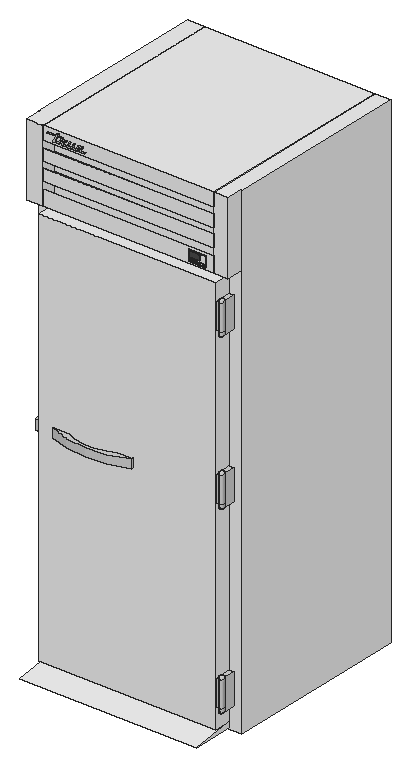
Revit family
Parameters
  Weight in Pounds = 0
  Watts = Volts * FL Amps  # 1023.5 W
  Volts = 115 V
  URL Cutsheet = "www.truemfg.com"
  URL = "www.truemfg.com"
  Type Mark [instance] = ""
  Type Comments = ""
  Status [instance] = ""
  Specification by User [instance] = ""
  Specification by Manufacturer = ""
  Show Logo [instance] = yes
  Show Clearance [instance] = yes
  Serial Number = ""
  Seismic Rating = ""
  SMACNA No = ""
  Revision Code [instance] = ""
  Phase = 1
  Omniclass Number and Title = ""
  Number of Poles [instance] = 1
  NAFEM Spec ID Number = ""
  Model = "STG1RRI-1S"
  Min Ckt Ampacity = 0 A
  Max Overcurrent Protection = 0 A
  Masterspec = ""
  Manufacturer = "TRUE FOOD SERVICE EQUIPMENT, INC."
  Length = 35"
  Item Number [instance] = ""
  Installed By [instance] = ""
  Identify Quantity as Lot [instance] = yes
  Height = 83 3/4"
  HP = "1/3"
  Furnished By [instance] = ""
  Foodservice Equipment Identifier [instance] = yes
  FL Amps = 8.9 A
  Electrical Remarks [instance] = ""
  Electric Connection Type [instance] = ""
  Elec Conn RI Height [instance] = 0"
  Elec Conn Connection Height [instance] = 0"
  Description = "Roll-in Solid Swing Door Refrigerator"
  Depth = 34 3/4"
  Cycle = 60 Hz
  Conn Plug = "5-15P"
  Conn Conduit = yes
  CSI MasterFormat = ""
  CSI Master Format = ""
  Apparent Power = if(Phase = 3, Volts * FL Amps * 1.73, Volts * FL Amps)  # 1023.5 VA
Reference planes (in)
  plane 1 "BACK": y = 0
  plane 2: z = 0
  plane 3 "LEFT": x = 0
  plane 4 "RIGHT": x = 35
  plane 5 "FRONT": y = -34.75
  plane 6 "TOP": z = 83.75
  plane 7: x = 2.84375
  plane 8: y = -34.7042
  plane 9: x = 32.15625
  plane 10: z = 69.90625
Forms (in)
  Extrusion 1, solid, material "QF_Finishes_Chrome - Satin"
    sketch origin (0.05, 0, 0) x (1, 0, 0) y (0, 1, 0)
      loop
        line (-0.05, 0) -> (-0.05, -32) -> (2.87859, -32) -> (2.87859, 0) -> (-0.05, 0)
    from 0 to 83.75
  Extrusion 2, solid, material "QF_Finishes_Chrome - Satin"
    sketch origin (50.15, 0, 0) x (1, 0, 0) y (0, 1, 0)
      loop
        line (-17.85, 0) -> (-17.85, -32) -> (-15.15, -32) -> (-15.15, 0) -> (-17.85, 0)
    from 0 to 83.75
  Extrusion 3, solid, material "QF_Finishes_Chrome - Satin"
    sketch origin (0, 0, 0) x (0, 1, 0) y (0, 0, 1)
      loop
        line (-34.7042, 71.28125) -> (-32, 71.28125) -> (-32, 0) -> (0, 0) -> (0, 83.75) -> (-34.7042, 83.75) -> (-34.7042, 81.46828) -> (-32.5, 79.90102) -> (-32.5, 78.77875) -> (-34.7042, 80.34601) -> (-34.7042, 78.2123) -> (-32.5, 76.64504) -> (-32.5, 75.68428) -> (-34.7042, 77.25154) -> (-34.7042, 75.15534) -> (-32.5, 73.58807) -> (-32.5, 72.3125) -> (-34.7042, 73.87976) -> (-34.7042, 71.28125)
    from 2.92859 to 32.3
  Extrusion 4, solid, material "QF_Finishes_Chrome - Satin"
    sketch origin (0, 0, 0) x (1, 0, 0) y (0, 1, 0)
      loop
        line (34.84782, -32) -> (32.3, -32) -> (32.3, -34.75) -> (34.84782, -34.75) -> (34.84782, -32)
    from 71.28125 to 83.75
  Extrusion 5, solid, material "QF_Finishes_Chrome - Satin"
    sketch origin (-50.125, 0, 0.25) x (1, 0, 0) y (0, 1, 0)
      loop
        line (53.05359, -32) -> (50.24109, -32) -> (50.24109, -34.75) -> (53.05359, -34.75) -> (53.05359, -32)
    from 71.03125 to 83.5
  Extrusion 6, solid, material "QF_Finishes_Chrome - Satin"
    sketch origin (-24.96875, -1, -0.71875) x (1, 0, 0) y (0, 0, 1)
      loop
        line (27.25, 1.71875) -> (57.65625, 1.71875) -> (57.65625, 70.625) -> (27.25, 70.625) -> (27.25, 1.71875)
    from 31 to 33.75
  Extrusion 7, solid, material "QF_Finishes_Handrails and Railings"
    sketch origin (58.625, -0.25, 25.43519) x (1, 0, 0) y (0, 1, 0)
      loop
        line (-53.875, -34.5) -> (-53.875, -34.7)
        arc (-53.875, -34.7) -> (-47.075, -36.14405) -> (-40.275, -34.7) r 16.7325
        line (-40.275, -34.7) -> (-40.275, -34.5) -> (-42.675, -34.5)
        arc (-42.675, -34.5) -> (-47.075, -35.65816) -> (-51.475, -34.5) r 8.93715
        line (-51.475, -34.5) -> (-53.875, -34.5)
    from 10.87731 to 12.37731
  Extrusion 8, solid, material "QF_Finishes_Handrails and Railings"
    sketch origin (-23.375, 0, -3) x (1, 0, 0) y (0, 0, 1)
      loop
        circle (26.4375, 40.0625) r 0.35
      loop
        line (26.47265, 40.33635) -> (26.41715, 40.33635) -> (26.41715, 39.76895) -> (26.47265, 39.76895) -> (26.47265, 40.33635)
    from 33.5 to 33.83066
  Extrusion 9, solid, material "QF_Finishes_Handrails and Railings", visible <- "Show Logo"
    sketch origin (0.33478, 0.06376, 5.01857) x (1, 0, 0) y (0, 0, 1)
      loop
        line (3.46044, 78.08731) -> (3.35478, 77.86073) -> (4.76027, 77.86073)
        arc (4.76027, 77.86073) -> (4.78879, 77.81028) -> (4.76027, 77.75984) r 0.05887
        line (4.76027, 77.75984) -> (4.39369, 76.97372)
        arc (4.39369, 76.97372) -> (4.39051, 76.90091) -> (4.43975, 76.84717) r 0.09523
        line (4.43975, 76.84717) -> (5.33844, 76.84717)
        arc (5.33844, 76.84717) -> (5.45192, 76.88295) -> (5.52436, 76.97735) r 0.19785
        line (5.52436, 76.97735) -> (5.81285, 77.59601) -> (6.0779, 77.59601)
        arc (6.0779, 77.59601) -> (6.14744, 77.57043) -> (6.13737, 77.49703) r 0.05911
        line (6.13737, 77.49703) -> (5.89598, 76.97937)
        arc (5.89598, 76.97937) -> (5.89974, 76.8934) -> (5.97231, 76.84717) r 0.09318
        line (5.97231, 76.84717) -> (6.76198, 76.84717)
        arc (6.76198, 76.84717) -> (6.82249, 76.86919) -> (6.85468, 76.92495) r 0.09412
        arc (6.85468, 76.92495) -> (6.87746, 76.86995) -> (6.93246, 76.84717) r 0.07778
        line (6.93246, 76.84717) -> (7.43246, 76.84717)
        arc (7.43246, 76.84717) -> (7.49022, 76.86265) -> (7.53251, 76.90493) r 0.11552
        arc (7.53251, 76.90493) -> (7.55275, 76.85606) -> (7.60162, 76.83581) r 0.06912
        line (7.60162, 76.83581) -> (8.31225, 76.83581)
        arc (8.31225, 76.83581) -> (8.37034, 76.85988) -> (8.39441, 76.91797) r 0.08216
        arc (8.39441, 76.91797) -> (8.44767, 76.86472) -> (8.52042, 76.84522) r 0.14551
        line (8.52042, 76.84522) -> (9.85158, 76.84522) -> (9.99946, 77.10134) -> (8.65678, 77.10134)
        arc (8.65678, 77.10134) -> (8.61972, 77.12704) -> (8.61834, 77.17211) r 0.05009
        line (8.61834, 77.17211) -> (8.64157, 77.22192)
        arc (8.64157, 77.22192) -> (8.67723, 77.26864) -> (8.73327, 77.28635) r 0.09747
        line (8.73327, 77.28635) -> (9.16485, 77.28635)
        arc (9.16485, 77.28635) -> (9.258, 77.31131) -> (9.32619, 77.3795) r 0.1863
        line (9.32619, 77.3795) -> (9.45119, 77.59601)
        arc (9.45119, 77.59601) -> (9.45119, 77.71157) -> (9.35111, 77.76934) r 0.11556
        line (9.35111, 77.76934) -> (8.89562, 77.76934)
        arc (8.89562, 77.76934) -> (8.7795, 77.74962) -> (8.69849, 77.66412) r 0.18605
        line (8.69849, 77.66412) -> (8.48204, 77.19993)
        arc (8.48204, 77.19993) -> (8.41815, 77.11667) -> (8.31806, 77.08511) r 0.1745
        line (8.31806, 77.08511) -> (7.84559, 77.08511)
        arc (7.84559, 77.08511) -> (7.78903, 77.14684) -> (7.79268, 77.23048) r 0.10939
        line (7.79268, 77.23048) -> (8.04395, 77.76934) -> (7.88403, 77.76934) -> (7.61781, 77.19844)
        arc (7.61781, 77.19844) -> (7.56609, 77.13103) -> (7.48505, 77.10548) r 0.14128
        line (7.48505, 77.10548) -> (7.15925, 77.10548)
        arc (7.15925, 77.10548) -> (7.10419, 77.17723) -> (7.116, 77.26689) r 0.11816
        line (7.116, 77.26689) -> (7.3503, 77.76934) -> (7.18514, 77.76934) -> (6.91546, 77.191)
        arc (6.91546, 77.191) -> (6.85285, 77.12839) -> (6.76733, 77.10548) r 0.17104
        line (6.76733, 77.10548) -> (6.29555, 77.10548)
        arc (6.29555, 77.10548) -> (6.21082, 77.14499) -> (6.20267, 77.23813) r 0.0935
        line (6.20267, 77.23813) -> (6.35774, 77.57069) -> (6.57695, 77.57069)
        arc (6.57695, 77.57069) -> (6.61395, 77.68217) -> (6.69267, 77.76934) r 0.2857
        line (6.69267, 77.76934) -> (5.83605, 77.76934)
        arc (5.83605, 77.76934) -> (5.74086, 77.74824) -> (5.67498, 77.67635) r 0.16212
        line (5.67498, 77.67635) -> (5.44279, 77.17841)
        arc (5.44279, 77.17841) -> (5.3894, 77.12502) -> (5.31647, 77.10548) r 0.14586
        line (5.31647, 77.10548) -> (4.80506, 77.10548)
        arc (4.80506, 77.10548) -> (4.76514, 77.15942) -> (4.77274, 77.22609) r 0.09155
        line (4.77274, 77.22609) -> (5.11018, 77.86073) -> (5.96155, 77.86073) -> (6.06721, 78.08731) -> (5.21584, 78.08731) -> (5.32149, 78.31388) -> (5.01862, 78.31388) -> (4.91297, 78.08731) -> (3.46044, 78.08731)
      loop
        arc (8.83805, 77.56363) -> (8.80119, 77.55375) -> (8.7742, 77.52676) r 0.07373
        line (8.7742, 77.52676) -> (8.75229, 77.45936)
        arc (8.75229, 77.45936) -> (8.76245, 77.43483) -> (8.78699, 77.42466) r 0.0347
        line (8.78699, 77.42466) -> (9.15948, 77.42466)
        arc (9.15948, 77.42466) -> (9.18632, 77.43061) -> (9.20812, 77.44734) r 0.0635
        line (9.20812, 77.44734) -> (9.22624, 77.53122)
        arc (9.22624, 77.53122) -> (9.22091, 77.55368) -> (9.20009, 77.56363) r 0.02676
        line (9.20009, 77.56363) -> (8.83805, 77.56363)
    from 34.76797 to 34.83173
  Extrusion 10, solid, material "QF_Finishes_White"
    sketch origin (-22.74812, 0.0458, -7.91247) x (1, 0, 0) y (0, 0, 1)
      loop
        line (50.81732, 81.35727) -> (50.81732, 79.60996) -> (53.72357, 79.60996) -> (53.72357, 81.35727) -> (50.81732, 81.35727)
    from 34.75 to 34.76797
  Extrusion 11, solid, material "QF_Finishes_Black"
    sketch origin (-22.74812, 0.0458, -7.91247) x (1, 0, 0) y (0, 0, 1)
      loop
        line (53.78607, 81.41977) -> (50.75482, 81.41977) -> (50.75482, 79.54746) -> (53.78607, 79.54746) -> (53.78607, 81.41977)
      loop
        spline (50.95482, 79.87872) -> (50.96333, 79.86254) -> (50.98831, 79.84747) -> (51.02804, 79.83452) -> (51.07982, 79.82459) -> (51.14011, 79.81835) -> (51.20482, 79.81622) -> (51.26952, 79.81835) -> (51.32982, 79.82459) -> (51.38159, 79.83452) -> (51.42132, 79.84747) -> (51.4463, 79.86254) -> (51.45482, 79.87872)
        spline (51.45482, 79.87872) -> (51.4463, 79.89489) -> (51.42132, 79.90997) -> (51.38159, 79.92291) -> (51.32982, 79.93284) -> (51.26952, 79.93909) -> (51.20482, 79.94122) -> (51.14011, 79.93909) -> (51.07982, 79.93284) -> (51.02804, 79.92291) -> (50.98831, 79.90997) -> (50.96333, 79.89489) -> (50.95482, 79.87872)
      loop
        spline (51.65083, 79.87872) -> (51.65935, 79.86254) -> (51.68432, 79.84747) -> (51.72405, 79.83452) -> (51.77583, 79.82459) -> (51.83612, 79.81835) -> (51.90083, 79.81622) -> (51.96553, 79.81835) -> (52.02583, 79.82459) -> (52.07761, 79.83452) -> (52.11734, 79.84747) -> (52.14231, 79.86254) -> (52.15083, 79.87872)
        spline (52.15083, 79.87872) -> (52.14231, 79.89489) -> (52.11734, 79.90997) -> (52.07761, 79.92291) -> (52.02583, 79.93284) -> (51.96553, 79.93909) -> (51.90083, 79.94122) -> (51.83612, 79.93909) -> (51.77583, 79.93284) -> (51.72405, 79.92291) -> (51.68432, 79.90997) -> (51.65935, 79.89489) -> (51.65083, 79.87872)
      loop
        spline (52.40083, 79.87872) -> (52.40935, 79.86254) -> (52.43432, 79.84747) -> (52.47405, 79.83452) -> (52.52583, 79.82459) -> (52.58612, 79.81835) -> (52.65083, 79.81622) -> (52.71553, 79.81835) -> (52.77583, 79.82459) -> (52.82761, 79.83452) -> (52.86734, 79.84747) -> (52.89231, 79.86254) -> (52.90083, 79.87872)
        spline (52.90083, 79.87872) -> (52.89231, 79.89489) -> (52.86734, 79.90997) -> (52.82761, 79.92291) -> (52.77583, 79.93284) -> (52.71553, 79.93909) -> (52.65083, 79.94122) -> (52.58612, 79.93909) -> (52.52583, 79.93284) -> (52.47405, 79.92291) -> (52.43432, 79.90997) -> (52.40935, 79.89489) -> (52.40083, 79.87872)
      loop
        line (50.95481, 81.21978) -> (50.95481, 80.21978) -> (52.65433, 80.21978) -> (52.65433, 81.21978) -> (50.95481, 81.21978)
      loop
        line (53.72357, 81.35727) -> (50.81732, 81.35727) -> (50.81732, 79.60996) -> (53.72357, 79.60996) -> (53.72357, 81.35727)
      loop
        spline (53.15083, 79.87872) -> (53.15935, 79.86254) -> (53.18432, 79.84747) -> (53.22405, 79.83452) -> (53.27583, 79.82459) -> (53.33612, 79.81835) -> (53.40083, 79.81622) -> (53.46553, 79.81835) -> (53.52583, 79.82459) -> (53.57761, 79.83452) -> (53.61734, 79.84747) -> (53.64231, 79.86254) -> (53.65083, 79.87872)
        spline (53.65083, 79.87872) -> (53.64231, 79.89489) -> (53.61734, 79.90997) -> (53.57761, 79.92291) -> (53.52583, 79.93284) -> (53.46553, 79.93909) -> (53.40083, 79.94122) -> (53.33612, 79.93909) -> (53.27583, 79.93284) -> (53.22405, 79.92291) -> (53.18432, 79.90997) -> (53.15935, 79.89489) -> (53.15083, 79.87872)
    from 34.76797 to 34.80335
  Extrusion 12, solid
    sketch origin (-25.125, 0, 0) x (1, 0, 0) y (0, 0, 1)
      loop
        circle (56.875, 81.625) r 0.25
    from 0 to 0.0625
  Blend 13, solid, material "QF_Finishes_Handrails and Railings"
    base sketch origin (27.53125, -1, -1) x (-1, 0, 0) y (0, 0, -1)
      loop
        line (25.25, -38.99169) -> (26, -38.99169) -> (26, -37.24169) -> (25.25, -37.24169) -> (25.25, -38.99169)
    top sketch origin (27.53125, 0, -1) x (-1, 0, 0) y (0, 0, -1)
      loop
        line (26.18223, -36.6441) -> (25.25, -36.6441) -> (25.25, -39.42643) -> (26.18223, -39.42643) -> (26.18223, -36.6441)
    from 33.57883 to 32
  Extrusion 14, solid, material "QF_Finishes_Handrails and Railings"
    sketch origin (33.78125, 0, 3) x (0, 1, 0) y (0, 0, -1)
      loop
        line (-32, -64.17729) -> (-32, -58.86127) -> (-34.25, -58.86127) -> (-34.25, -59.57348) -> (-33.81497, -59.57348) -> (-33.81497, -63.97276)
        arc (-33.81497, -63.97276) -> (-33.75506, -64.11738) -> (-33.61044, -64.17729) r 0.20453
        line (-33.61044, -64.17729) -> (-32, -64.17729)
    from 0.17506 to 1
  Revolve 15, solid, material "QF_Finishes_Handrails and Railings"
    sketch origin (33.28125, 0, 3) x (0, 1, 0) y (0, 0, -1)
      loop
        line (-34.26563, -59.62689) -> (-34.67229, -59.62689) -> (-34.67229, -64.0986)
        arc (-34.67229, -64.0986) -> (-34.53722, -64.35057) -> (-34.26563, -64.43983) r 0.3848
        line (-34.26563, -64.43983) -> (-34.26563, -59.62689)
      loop
        line (-34.26563, -59.57348) -> (-34.26563, -58.67281)
        arc (-34.26563, -58.67281) -> (-34.53264, -58.75883) -> (-34.67229, -59.00212) r 0.38884
        line (-34.67229, -59.00212) -> (-34.67229, -59.57348) -> (-34.26563, -59.57348)
      axis (-34.26563, -58.67281) -> (-34.26563, -64.43983)
    angle from 0 to 360
  Extrusion 16, solid, material "QF_Finishes_Handrails and Railings"
    sketch origin (27.5, -1.07734, 3.0011) x (-1, 0, 0) y (0, 0, -1)
      loop
        line (-5.58509, -64.0986) -> (-5.1875, -64.0986) -> (-5.1875, -59.62579) -> (-5.58509, -59.62579) -> (-5.58509, -64.0986)
    from 32.81497 to 33.59495
  Extrusion 17, solid, material "QF_Finishes_Handrails and Railings"
    sketch origin (33.78125, 0, -24) x (0, 1, 0) y (0, 0, -1)
      loop
        line (-32, -64.55229) -> (-32, -59.23627) -> (-34.25, -59.23627) -> (-34.25, -59.94848) -> (-33.81497, -59.94848) -> (-33.81497, -64.34776)
        arc (-33.81497, -64.34776) -> (-33.75506, -64.49238) -> (-33.61044, -64.55229) r 0.20453
        line (-33.61044, -64.55229) -> (-32, -64.55229)
    from 0.17506 to 1
  Revolve 18, solid, material "QF_Finishes_Handrails and Railings"
    sketch origin (33.28125, 0, -24) x (0, 1, 0) y (0, 0, -1)
      loop
        line (-34.26563, -60.00189) -> (-34.67229, -60.00189) -> (-34.67229, -64.4736)
        arc (-34.67229, -64.4736) -> (-34.53722, -64.72557) -> (-34.26563, -64.81483) r 0.3848
        line (-34.26563, -64.81483) -> (-34.26563, -60.00189)
      loop
        line (-34.26563, -59.94848) -> (-34.26563, -59.04781)
        arc (-34.26563, -59.04781) -> (-34.53264, -59.13383) -> (-34.67229, -59.37712) r 0.38884
        line (-34.67229, -59.37712) -> (-34.67229, -59.94848) -> (-34.26563, -59.94848)
      axis (-34.26563, -59.04781) -> (-34.26563, -64.81483)
    angle from 0 to 360
  Extrusion 19, solid, material "QF_Finishes_Handrails and Railings"
    sketch origin (27.5, -1.07734, -23.9989) x (-1, 0, 0) y (0, 0, -1)
      loop
        line (-5.58509, -64.4736) -> (-5.1875, -64.4736) -> (-5.1875, -60.00079) -> (-5.58509, -60.00079) -> (-5.58509, -64.4736)
    from 32.81497 to 33.59495
  Extrusion 20, solid, material "QF_Finishes_Handrails and Railings"
    sketch origin (33.78125, 0, -55.5) x (0, 1, 0) y (0, 0, -1)
      loop
        line (-32, -64.55229) -> (-32, -59.23627) -> (-34.25, -59.23627) -> (-34.25, -59.94848) -> (-33.81497, -59.94848) -> (-33.81497, -64.34776)
        arc (-33.81497, -64.34776) -> (-33.75506, -64.49238) -> (-33.61044, -64.55229) r 0.20453
        line (-33.61044, -64.55229) -> (-32, -64.55229)
    from 0.17506 to 1
  Revolve 21, solid, material "QF_Finishes_Handrails and Railings"
    sketch origin (33.28125, 0, -55.5) x (0, 1, 0) y (0, 0, -1)
      loop
        line (-34.26563, -60.00189) -> (-34.67229, -60.00189) -> (-34.67229, -64.4736)
        arc (-34.67229, -64.4736) -> (-34.53722, -64.72557) -> (-34.26563, -64.81483) r 0.3848
        line (-34.26563, -64.81483) -> (-34.26563, -60.00189)
      loop
        line (-34.26563, -59.94848) -> (-34.26563, -59.04781)
        arc (-34.26563, -59.04781) -> (-34.53264, -59.13383) -> (-34.67229, -59.37712) r 0.38884
        line (-34.67229, -59.37712) -> (-34.67229, -59.94848) -> (-34.26563, -59.94848)
      axis (-34.26563, -59.04781) -> (-34.26563, -64.81483)
    angle from 0 to 360
  Extrusion 22, solid, material "QF_Finishes_Handrails and Railings"
    sketch origin (27.5, -1.07734, -55.4989) x (-1, 0, 0) y (0, 0, -1)
      loop
        line (-5.58509, -64.4736) -> (-5.1875, -64.4736) -> (-5.1875, -60.00079) -> (-5.58509, -60.00079) -> (-5.58509, -64.4736)
    from 32.81497 to 33.59495
  Extrusion 23, solid, material "QF_Finishes_Door Clearance", visible <- "Show Clearance", detail levels coarse
    sketch origin (26.42841, -3.6098, 0) x (1, 0, 0) y (0, 1, 0)
      loop
        line (6.25909, -31.1402) -> (-24.14716, -31.1402)
        arc (-24.14716, -31.1402) -> (-15.24138, -52.64067) -> (6.25909, -61.54645) r 30.40625
        line (6.25909, -61.54645) -> (6.25909, -31.1402)
    from 1 to 69.90625
  Extrusion 24, solid, material "QF_Finishes_Chrome - Satin"
    sketch origin (32.6875, -1, 8.03125) x (0, 0, 1) y (0, -1, 0)
      loop
        line (-8.03125, 37.875) -> (-8.03125, 31) -> (-7.03125, 31) -> (-8.03125, 37.875)
    from 0 to -30.40625
Cuts and joins
  joined: Extrusion 1, Extrusion 2, Extrusion 4, Extrusion 5
Lines and regions (in)
  symbolic lines
    curve 1: line (0, 0, 0) -> (35, 0, 0)
    curve 2: line (0, -34.75, 0) -> (0, 0, 0)
    curve 3: line (35, -34.75, 0) -> (0, -34.75, 0)
    curve 4: line (35, 0, 0) -> (35, -34.75, 0)
    curve 5: line (35, -32.5, 0) -> (0, -32.5, 0)
    curve 6: arc (15.95746, -34.75, 0) -> (11.55746, -35.90816, 0) -> (7.15746, -34.75, 0) r 8.93715
    curve 7: arc (4.75746, -34.95, 0) -> (11.55746, -36.39405, 0) -> (18.35746, -34.95, 0) r 16.7325
    curve 8: line (4.75746, -34.75, 0) -> (4.75746, -34.95, 0)
    curve 9: line (18.35746, -34.95, 0) -> (18.35746, -34.75, 0)
  symbolic lines, style "QF-Door Swings", visible <- "Show Clearance", detail levels coarse
    curve 10: line (32.6875, -34.75, 0) -> (32.6875, -65.15625, 0)
    curve 11: arc (32.6875, -65.15625, 0) -> (11.18703, -56.25047, 0) -> (2.28125, -34.75, 0) r 30.40625
Dimensions and locks (in)
  "Depth": plane 5 "FRONT" to plane 1 "BACK"
  plane 6 "TOP" to level = 83 3/4"  (x2)
  Extrusion 6 sketch curve to Extrusion 6 sketch curve = 30 13/32"
  Extrusion 6 to plane 1 "BACK" = 34 3/4"
  "Length": plane 3 "LEFT" to plane 4 "RIGHT"
  plane 4 "RIGHT" to plane 3 "LEFT" = 35"
  plane 10 to level = 69 29/32"
  aligned and locked: level to plane 2
Automatic sketch dimensions
  Extrusion 1 sketch curve to plane 3 "LEFT" = 0"
  plane 1 "BACK" to Extrusion 1 sketch curve = 0"
  Extrusion 1 sketch curve to Extrusion 1 sketch curve = 2.92859"
  Extrusion 1 sketch curve to plane 5 "FRONT" = 2 3/4"
  plane 1 "BACK" to Extrusion 2 sketch curve = 0"
  Extrusion 2 sketch curve to plane 4 "RIGHT" = 0"
  Extrusion 2 sketch curve to plane 5 "FRONT" = 2 3/4"
  plane 5 "FRONT" to Extrusion 4 sketch curve = 0"
  Extrusion 4 sketch curve to plane 4 "RIGHT" = 0.15218"
  Extrusion 4 sketch curve to plane 5 "FRONT" = 2 3/4"
  plane 5 "FRONT" to Extrusion 5 sketch curve = 0"
  plane 3 "LEFT" to Extrusion 5 sketch curve = 0.11609"
  Extrusion 5 sketch curve to Extrusion 5 sketch curve = 2 13/16"
  Extrusion 5 sketch curve to plane 5 "FRONT" = 2 3/4"
  plane 5 "FRONT" to Extrusion 7 sketch curve = 0"  (x2)
  Extrusion 7 sketch curve to Extrusion 7 sketch curve = 2.4"  (x2)
  Extrusion 7 sketch curve to Extrusion 7 sketch curve = 4.4"
  Extrusion 7 sketch curve to Extrusion 7 sketch curve = 0"
  Extrusion 7 sketch curve to Extrusion 7 sketch curve = 0.2"
  Extrusion 7 sketch curve to plane 5 "FRONT" = 7.77899"
  Extrusion 7 sketch curve to Extrusion 7 sketch curve = 7.30945"
  Extrusion 8 sketch curve to Extrusion 8 sketch curve = 0.02035"
  Extrusion 8 sketch curve to Extrusion 8 sketch curve = 0.0555"
  Extrusion 8 sketch curve to Extrusion 8 sketch curve = 0.29355"
  Extrusion 8 sketch curve to Extrusion 8 sketch curve = 0.27385"
  plane 3 "LEFT" to Extrusion 9 sketch curve = 3.68957"
  Extrusion 9 sketch curve to Extrusion 9 sketch curve = 0.10565"  (x5)
  Extrusion 9 sketch curve to Extrusion 9 sketch curve = 1.03891"
  Extrusion 9 sketch curve to Extrusion 9 sketch curve = 0.04606"
  Extrusion 9 sketch curve to Extrusion 9 sketch curve = 0.04025"
  Extrusion 9 sketch curve to Extrusion 9 sketch curve = 0.33624"
  Extrusion 9 sketch curve to Extrusion 9 sketch curve = 0.03034"  (x2)
  Extrusion 9 sketch curve to Extrusion 9 sketch curve = 0.29274"
  Extrusion 9 sketch curve to Extrusion 9 sketch curve = 0.03232"
  Extrusion 9 sketch curve to Extrusion 9 sketch curve = 0.08083"
  Extrusion 9 sketch curve to Extrusion 9 sketch curve = 0.1527"
  Extrusion 9 sketch curve to Extrusion 9 sketch curve = 0.19721"
  Extrusion 9 sketch curve to Extrusion 9 sketch curve = 0.4629"
  Extrusion 9 sketch curve to Extrusion 9 sketch curve = 0.02197"
  Extrusion 9 sketch curve to Extrusion 9 sketch curve = 0.12632"
  Extrusion 9 sketch curve to Extrusion 9 sketch curve = 0.18591"
  Extrusion 9 sketch curve to Extrusion 9 sketch curve = 0.2322"
  Extrusion 9 sketch curve to Extrusion 9 sketch curve = 0.13786"
  Extrusion 9 sketch curve to Extrusion 9 sketch curve = 0.00907"
  Extrusion 9 sketch curve to Extrusion 9 sketch curve = 0.01413"
  Extrusion 9 sketch curve to Extrusion 9 sketch curve = 0.37162"
  Extrusion 9 sketch curve to Extrusion 9 sketch curve = 0.12551"
  Extrusion 9 sketch curve to Extrusion 9 sketch curve = 0.07633"
  Extrusion 9 sketch curve to Extrusion 9 sketch curve = 0.08445"
  Extrusion 9 sketch curve to Extrusion 9 sketch curve = 0.25598"
  Extrusion 9 sketch curve to Extrusion 9 sketch curve = 0.01887"
  Extrusion 9 sketch curve to Extrusion 9 sketch curve = 0.04061"
  Extrusion 9 sketch curve to Extrusion 9 sketch curve = 0.0653"
  Extrusion 9 sketch curve to Extrusion 9 sketch curve = 0.08474"
  Extrusion 9 sketch curve to Extrusion 9 sketch curve = 0.00815"
  Extrusion 9 sketch curve to Extrusion 9 sketch curve = 0.22037"
  Extrusion 9 sketch curve to Extrusion 9 sketch curve = 0.21921"
  Extrusion 9 sketch curve to Extrusion 9 sketch curve = 0.11572"
  Extrusion 9 sketch curve to Extrusion 9 sketch curve = 0.46643"
  Extrusion 9 sketch curve to Extrusion 9 sketch curve = 0.00535"
  Extrusion 9 sketch curve to Extrusion 9 sketch curve = 0.09269"
  Extrusion 9 sketch curve to Extrusion 9 sketch curve = 0.09348"
  Extrusion 9 sketch curve to Extrusion 9 sketch curve = 0.14812"
  Extrusion 9 sketch curve to Extrusion 9 sketch curve = 0.07778"  (x3)
  Extrusion 9 sketch curve to Extrusion 9 sketch curve = 0.20054"
  Extrusion 9 sketch curve to Extrusion 9 sketch curve = 0.04325"
  Extrusion 9 sketch curve to Extrusion 9 sketch curve = 0.32433"
  Extrusion 9 sketch curve to Extrusion 9 sketch curve = 0.10233"  (x2)
  Extrusion 9 sketch curve to Extrusion 9 sketch curve = 0.16515"
  Extrusion 9 sketch curve to Extrusion 9 sketch curve = 0.27321"
  Extrusion 9 sketch curve to Extrusion 9 sketch curve = 0.0526"
  Extrusion 9 sketch curve to Extrusion 9 sketch curve = 0.10005"
  Extrusion 9 sketch curve to Extrusion 9 sketch curve = 0.06912"
  Extrusion 9 sketch curve to Extrusion 9 sketch curve = 0.13276"
  Extrusion 9 sketch curve to Extrusion 9 sketch curve = 0.17486"
  Extrusion 9 sketch curve to Extrusion 9 sketch curve = 0.05291"
  Extrusion 9 sketch curve to Extrusion 9 sketch curve = 0.53374"
  Extrusion 9 sketch curve to Extrusion 9 sketch curve = 0.09914"  (x2)
  Extrusion 9 sketch curve to Extrusion 9 sketch curve = 0.15992"
  Extrusion 9 sketch curve to Extrusion 9 sketch curve = 0.46666"
  Extrusion 9 sketch curve to Extrusion 9 sketch curve = 0.00582"
  Extrusion 9 sketch curve to Extrusion 9 sketch curve = 0.08216"
  Extrusion 9 sketch curve to Extrusion 9 sketch curve = 0.16397"
  Extrusion 9 sketch curve to Extrusion 9 sketch curve = 0.12601"
  Extrusion 9 sketch curve to Extrusion 9 sketch curve = 0.1363"
  Extrusion 9 sketch curve to Extrusion 9 sketch curve = 0.02323"
  Extrusion 9 sketch curve to Extrusion 9 sketch curve = 0.03844"
  Extrusion 9 sketch curve to Extrusion 9 sketch curve = 0.0454"
  Extrusion 9 sketch curve to Extrusion 9 sketch curve = 0.05693"
  Extrusion 9 sketch curve to Extrusion 9 sketch curve = 0.0917"
  Extrusion 9 sketch curve to Extrusion 9 sketch curve = 0.01902"
  Extrusion 9 sketch curve to Extrusion 9 sketch curve = 0.02191"
  Extrusion 9 sketch curve to Extrusion 9 sketch curve = 0.0347"
  Extrusion 9 sketch curve to Extrusion 9 sketch curve = 0.06385"
  Extrusion 9 sketch curve to Extrusion 9 sketch curve = 0.02906"
  Extrusion 9 sketch curve to Extrusion 9 sketch curve = 0.02851"
  Extrusion 9 sketch curve to Extrusion 9 sketch curve = 0.29237"
  Extrusion 9 sketch curve to Extrusion 9 sketch curve = 0.00537"
  Extrusion 9 sketch curve to Extrusion 9 sketch curve = 0.0406"
  Extrusion 9 sketch curve to Extrusion 9 sketch curve = 0.04327"
  Extrusion 9 sketch curve to Extrusion 9 sketch curve = 0.02615"
  Extrusion 9 sketch curve to Extrusion 9 sketch curve = 0.11806"
  Extrusion 9 sketch curve to Extrusion 9 sketch curve = 0.15103"
  Extrusion 9 sketch curve to Extrusion 9 sketch curve = 0.10007"
  Extrusion 9 sketch curve to Extrusion 9 sketch curve = 0.5254"
  Extrusion 9 sketch curve to Extrusion 9 sketch curve = 0.14787"
  Extrusion 9 sketch curve to plane 6 "TOP" = 1.89562"
  Extrusion 9 sketch curve to Extrusion 9 sketch curve = 0.07275"
  Extrusion 9 sketch curve to Extrusion 9 sketch curve = 0.05776"
  Extrusion 9 sketch curve to Extrusion 9 sketch curve = 0.08631"
  Extrusion 9 sketch curve to Extrusion 9 sketch curve = 0.09282"
  Extrusion 9 sketch curve to Extrusion 9 sketch curve = 0.13018"
  Extrusion 9 sketch curve to Extrusion 9 sketch curve = 0.16714"
  Extrusion 9 sketch curve to Extrusion 9 sketch curve = 0.11061"
  Extrusion 9 sketch curve to Extrusion 9 sketch curve = 0.06046"
  Extrusion 9 sketch curve to Extrusion 9 sketch curve = 0.16548"
  Extrusion 9 sketch curve to Extrusion 9 sketch curve = 0.14279"
  Extrusion 9 sketch curve to Extrusion 9 sketch curve = 0.0496"
  Extrusion 9 sketch curve to Extrusion 9 sketch curve = 0.07293"
  Extrusion 9 sketch curve to Extrusion 9 sketch curve = 0.07764"
  Extrusion 9 sketch curve to Extrusion 9 sketch curve = 0.03794"
  Extrusion 9 sketch curve to Extrusion 9 sketch curve = 0.08552"
  Extrusion 9 sketch curve to Extrusion 9 sketch curve = 0.09296"
  Extrusion 9 sketch curve to Extrusion 9 sketch curve = 0.09314"
  Extrusion 9 sketch curve to Extrusion 9 sketch curve = 0.02781"
  Extrusion 9 sketch curve to Extrusion 9 sketch curve = 0.04981"
  Extrusion 9 sketch curve to Extrusion 9 sketch curve = 0.09315"
  Extrusion 9 sketch curve to Extrusion 9 sketch curve = 0.04799"
  Extrusion 9 sketch curve to Extrusion 9 sketch curve = 0.02531"
  Extrusion 9 sketch curve to Extrusion 9 sketch curve = 0.03054"
  Extrusion 9 sketch curve to Extrusion 9 sketch curve = 0.2589"
  Extrusion 9 sketch curve to Extrusion 9 sketch curve = 0.0674"
  Extrusion 9 sketch curve to Extrusion 9 sketch curve = 0.0324"
  Extrusion 9 sketch curve to Extrusion 9 sketch curve = 0.26185"
  Extrusion 9 sketch curve to Extrusion 9 sketch curve = 11/256"
  Extrusion 9 sketch curve to Extrusion 9 sketch curve = 0.07366"
  Extrusion 9 sketch curve to Extrusion 9 sketch curve = 0.02187"
  Extrusion 9 sketch curve to Extrusion 9 sketch curve = 0.06479"
  Extrusion 9 sketch curve to Extrusion 9 sketch curve = 0.01183"
  Extrusion 9 sketch curve to Extrusion 9 sketch curve = 0.05778"
  Extrusion 9 sketch curve to Extrusion 9 sketch curve = 0.53375"
  Extrusion 9 sketch curve to Extrusion 9 sketch curve = 0.23098"
  Extrusion 9 sketch curve to Extrusion 9 sketch curve = 0"
  Extrusion 9 sketch curve to Extrusion 9 sketch curve = 0.05045"
  Extrusion 9 sketch curve to Extrusion 9 sketch curve = 0.09139"
  Extrusion 9 sketch curve to Extrusion 9 sketch curve = 29/128"  (x3)
  Extrusion 12 sketch curve to plane 6 "TOP" = 2 1/8"
  Blend 13 sketch curve to Blend 13 sketch curve = 1 3/4"
  Blend 13 sketch curve to Blend 13 sketch curve = 2.78233"
  Extrusion 14 sketch curve to plane 5 "FRONT" = 1/2"
  Extrusion 14 sketch curve to Extrusion 14 sketch curve = 0.43503"
  Extrusion 14 sketch curve to Extrusion 14 sketch curve = 0.20453"
  Extrusion 14 sketch curve to Extrusion 14 sketch curve = 1.61044"
  Extrusion 14 sketch curve to plane 6 "TOP" = 16.57271"
  Extrusion 14 sketch curve to Extrusion 14 sketch curve = 4.39928"
  Extrusion 14 sketch curve to Extrusion 14 sketch curve = 0.71221"
  Revolve 15 sketch curve to plane 5 "FRONT" = 0.07771"  (x2)
  Revolve 15 sketch curve to Revolve 15 sketch curve = 0.38242"
  Revolve 15 sketch curve to Revolve 15 sketch curve = 0.38436"
  Revolve 15 sketch curve to plane 5 "FRONT" = 31/64"
  Revolve 15 sketch curve to Revolve 15 sketch curve = 0.40666"
  Revolve 15 sketch curve to Revolve 15 sketch curve = 0"
  Revolve 15 sketch curve to plane 6 "TOP" = 15.75492"
  Revolve 15 sketch curve to Revolve 15 sketch curve = 0.55526"
  Revolve 15 sketch curve to Revolve 15 sketch curve = 0.19474"
  Revolve 15 sketch curve to Revolve 15 sketch curve = 0.14649"
  Revolve 15 sketch curve to Revolve 15 sketch curve = 4.42889"
  Revolve 15 sketch curve to Revolve 15 sketch curve = 0.05342"
  Revolve 15 sketch curve to Revolve 15 sketch curve = 0.51246"
  Revolve 15 sketch curve to Revolve 15 sketch curve = 0.05889"
  Extrusion 16 sketch curve to Extrusion 16 sketch curve = 0.39759"
  Extrusion 16 sketch curve to plane 6 "TOP" = 16.6503"
  Extrusion 16 sketch curve to Extrusion 16 sketch curve = 4.47281"
  Extrusion 17 sketch curve to plane 5 "FRONT" = 1/2"
  Extrusion 17 sketch curve to Extrusion 17 sketch curve = 0.43503"
  Extrusion 17 sketch curve to Extrusion 17 sketch curve = 0.20453"
  Extrusion 17 sketch curve to Extrusion 17 sketch curve = 1.61044"
  Extrusion 17 sketch curve to Extrusion 17 sketch curve = 4.39928"
  Extrusion 17 sketch curve to Extrusion 17 sketch curve = 0.71221"
  Revolve 18 sketch curve to plane 5 "FRONT" = 0.07771"  (x2)
  Revolve 18 sketch curve to Revolve 18 sketch curve = 0.38242"
  Revolve 18 sketch curve to Revolve 18 sketch curve = 0.38436"
  Revolve 18 sketch curve to plane 5 "FRONT" = 31/64"
  Revolve 18 sketch curve to Revolve 18 sketch curve = 0.40666"
  Revolve 18 sketch curve to Revolve 18 sketch curve = 0"
  Revolve 18 sketch curve to Revolve 18 sketch curve = 0.55526"
  Revolve 18 sketch curve to Revolve 18 sketch curve = 0.19474"
  Revolve 18 sketch curve to Revolve 18 sketch curve = 0.14649"
  Revolve 18 sketch curve to Revolve 18 sketch curve = 4.42889"
  Revolve 18 sketch curve to Revolve 18 sketch curve = 0.05342"
  Revolve 18 sketch curve to Revolve 18 sketch curve = 0.51246"
  Revolve 18 sketch curve to Revolve 18 sketch curve = 0.05889"
  Extrusion 19 sketch curve to Extrusion 19 sketch curve = 0.39759"
  Extrusion 19 sketch curve to Extrusion 19 sketch curve = 4.47281"
  Extrusion 20 sketch curve to plane 5 "FRONT" = 1/2"
  Extrusion 20 sketch curve to Extrusion 20 sketch curve = 0.43503"
  Extrusion 20 sketch curve to Extrusion 20 sketch curve = 0.20453"
  Extrusion 20 sketch curve to Extrusion 20 sketch curve = 1.61044"
  Extrusion 20 sketch curve to Extrusion 20 sketch curve = 0.71221"
  Revolve 21 sketch curve to plane 5 "FRONT" = 0.07771"  (x2)
  Revolve 21 sketch curve to Revolve 21 sketch curve = 0.38242"
  Revolve 21 sketch curve to Revolve 21 sketch curve = 0.38436"
  Revolve 21 sketch curve to plane 5 "FRONT" = 31/64"
  Revolve 21 sketch curve to Revolve 21 sketch curve = 0.40666"
  Revolve 21 sketch curve to Revolve 21 sketch curve = 0"
  Revolve 21 sketch curve to Revolve 21 sketch curve = 0.55526"
  Revolve 21 sketch curve to Revolve 21 sketch curve = 0.19474"
  Revolve 21 sketch curve to Revolve 21 sketch curve = 0.14649"
  Revolve 21 sketch curve to Revolve 21 sketch curve = 0.05342"
  Revolve 21 sketch curve to Revolve 21 sketch curve = 0.51246"
  Revolve 21 sketch curve to Revolve 21 sketch curve = 0.05889"
  Extrusion 22 sketch curve to Extrusion 22 sketch curve = 0.39759"
  Extrusion 3 sketch curve to plane 8 = 0"  (x4)
  Extrusion 3 sketch curve to plane 6 "TOP" = 0"
  plane 8 to Extrusion 3 sketch curve = 2.2042"  (x2)
  Extrusion 3 sketch curve to Extrusion 3 sketch curve = 0"
  Extrusion 3 sketch curve to Extrusion 3 sketch curve = 1/2"
  plane 1 "BACK" to Extrusion 3 sketch curve = 0"
  Extrusion 3 sketch curve to plane 6 "TOP" = 2.28172"
  Extrusion 3 sketch curve to Extrusion 3 sketch curve = 1.12227"  (x2)
  Extrusion 3 sketch curve to Extrusion 3 sketch curve = 0.445"
  Extrusion 3 sketch curve to Extrusion 3 sketch curve = 2.13371"  (x2)
  Extrusion 3 sketch curve to Extrusion 3 sketch curve = 0.96076"  (x2)
  Extrusion 3 sketch curve to Extrusion 3 sketch curve = 2.0962"  (x2)
  Extrusion 3 sketch curve to Extrusion 3 sketch curve = 1.27557"  (x2)
  Extrusion 3 sketch curve to Extrusion 3 sketch curve = 1 1/32"
  Blend 13 sketch curve to Blend 13 sketch curve = 3/4"
  Blend 13 sketch curve to Blend 13 sketch curve = 0.93223"
  Extrusion 2 sketch curve to plane 4 "RIGHT" = 2.7"
  Extrusion 4 sketch curve to Extrusion 4 sketch curve = 2.54782"
  plane 7 to Extrusion 7 sketch curve = 1 29/32"
  plane 7 to Extrusion 8 sketch curve = 0.1984"
  Extrusion 12 sketch curve to plane 4 "RIGHT" = 3 1/4"
  Blend 13 sketch curve to plane 7 = 9/16"
  plane 7 to Blend 13 sketch curve = 9/16"
  Extrusion 16 sketch curve to plane 4 "RIGHT" = 1.91491"
  Extrusion 19 sketch curve to plane 4 "RIGHT" = 1.91491"
  Extrusion 22 sketch curve to plane 4 "RIGHT" = 1.91491"
  Extrusion 11 sketch curve to Extrusion 11 sketch curve = 1/4"  (x4)
  Extrusion 11 sketch curve to Extrusion 11 sketch curve = 0.4965"
  Extrusion 11 sketch curve to Extrusion 11 sketch curve = 0.0035"
  Extrusion 11 sketch curve to Extrusion 11 sketch curve = 1/2"
  Extrusion 11 sketch curve to Extrusion 11 sketch curve = 0.44601"
  Extrusion 11 sketch curve to Extrusion 11 sketch curve = 0"  (x3)
  Extrusion 11 sketch curve to Extrusion 11 sketch curve = 0.1375"  (x2)
  Extrusion 11 sketch curve to Extrusion 11 sketch curve = 1/16"  (x4)
  Extrusion 11 sketch curve to plane 6 "TOP" = 12.11501"
  Extrusion 11 sketch curve to Extrusion 11 sketch curve = 0.26876"  (x2)
  Extrusion 11 sketch curve to Extrusion 11 sketch curve = 0.34106"
  Extrusion 11 sketch curve to plane 6 "TOP" = 10.44269"
  Extrusion 10 sketch curve to plane 6 "TOP" = 10.30519"
  Extrusion 10 sketch curve to Extrusion 10 sketch curve = 1.74732"
  Extrusion 10 sketch curve to plane 4 "RIGHT" = 6.9308"
  Extrusion 10 sketch curve to Extrusion 10 sketch curve = 2 29/32"
  Extrusion 11 sketch curve to plane 4 "RIGHT" = 6.9933"
  Extrusion 11 sketch curve to Extrusion 11 sketch curve = 1.06923"
  Extrusion 6 sketch curve to plane 7 = 9/16"
  Extrusion 6 sketch curve to plane 6 "TOP" = 13 27/32"
  plane 1 "BACK" to curve 1 = 0"
  curve 1 to plane 3 "LEFT" = 0"
  plane 5 "FRONT" to curve 11 = 0"
  curve 3 to plane 4 "RIGHT" = 0"
  curve 11 to plane 7 = 9/16"
  plane 7 to curve 8 = 1.91371"
  curve 8 to curve 6 = 2.4"
  curve 7 to curve 6 = 0"
  curve 6 to curve 9 = 2.4"
  curve 11 to plane 4 "RIGHT" = 2 5/16"
  curve 9 to curve 9 = 0.2"
  curve 5 to plane 5 "FRONT" = 2 1/4"
  curve 6 to curve 7 = 7.30945"
  level to Extrusion 3 sketch curve = 0"
  level to Extrusion 6 sketch curve = 1"
  level to Extrusion 8 sketch curve = 36.76895"
  level to Blend 13 sketch curve = 37.99169"
  Blend 13 sketch curve to level = 35.6441"
  level to Extrusion 17 sketch curve = 40.55229"
  level to Revolve 18 sketch curve = 41.37008"
  level to Extrusion 19 sketch curve = 40.4747"
  level to Extrusion 20 sketch curve = 9.05229"
  Extrusion 20 sketch curve to Extrusion 20 sketch curve = 4.39928"
  level to Revolve 21 sketch curve = 9.87008"
  Revolve 21 sketch curve to Revolve 21 sketch curve = 4.42889"
  level to Extrusion 22 sketch curve = 8.9747"
  Extrusion 22 sketch curve to Extrusion 22 sketch curve = 4.47281"
  Extrusion 24 sketch curve to Extrusion 6 = 0"
  Extrusion 6 to Extrusion 24 sketch curve = 0"
  Extrusion 24 sketch curve to Extrusion 24 sketch curve = 1"
  Extrusion 24 sketch curve to Extrusion 6 = 4 1/8"
  Extrusion 23 sketch curve to plane 7 = 9/16"
  Extrusion 23 sketch curve to plane 9 = 17/32"
  plane 5 "FRONT" to Extrusion 23 sketch curve = 0"
  plane 7 to curve 7 = 8.71371"
  curve 6 to plane 5 "FRONT" = 7.77899"
  radius of Extrusion 8 sketch curve = 0.35"
  radius of Extrusion 12 sketch curve = 1/4"
Connectors (in)
  electrical at (31.75, -0.0625, 81.625), driven by "Volts", driven by "Watts"
    settings: on Extrusion 12, index 1, voltage 115 V, apparent load 1023.5 VA, apparent load phase1 0 VA, apparent load phase2 0 VA, apparent load phase3 0 VA, power factor 1, load classification "Other", number of poles 1, system type 30, power factor state 1, is connector primary yes, connector utility no, sub classification motor no, connector description "Electrical Connection"
